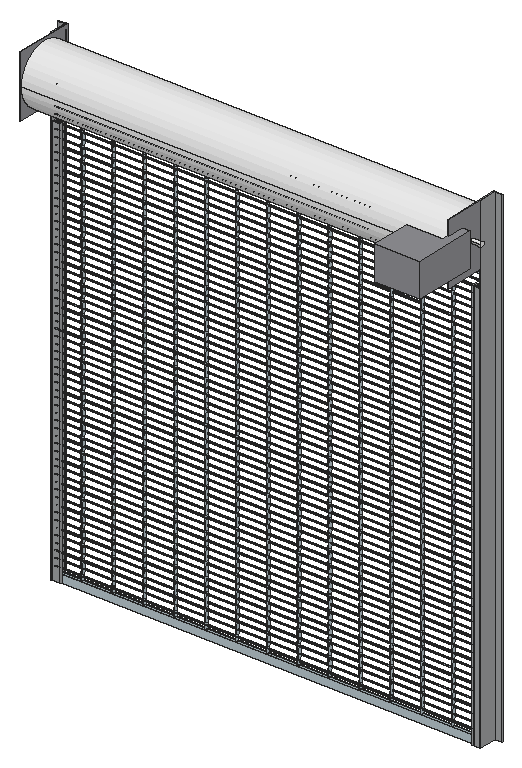
Revit family "Upward-Coiling-Security-Grilles_OHD_Model-671_compact", category Specialty Equipment, host Wall, Revit 2023 (continued)
Definition of nested family "Motor"
  Dimensions and locks (in)
    aligned and locked: Extrusion 1 sketch curve to Extrusion 1 sketch curve
    aligned and locked: plane 4 to nested 1
    aligned and locked: plane 3 "Center (Left/Right)" to nested 1
    aligned and locked: Masking region 1 sketch curve to Extrusion 13  (x5)
    aligned and locked: Extrusion 13 to Masking region 1 sketch curve
    aligned and locked: Extrusion 13 sketch curve to plane 13 "Hood Face"
  Automatic sketch dimensions
    plane 1 "Center (Front/Back)" to Revolve 3 sketch curve = 0"
    Revolve 3 sketch curve to Revolve 3 sketch curve = 0.09915"
    Revolve 3 sketch curve to Revolve 3 sketch curve = 4.7892"
    Revolve 3 sketch curve to plane 14 = 1.9628"
    Extrusion 9 sketch curve to plane 3 "Center (Left/Right)" = 0.988"
    plane 3 "Center (Left/Right)" to Extrusion 9 sketch curve = 0.988"
    Extrusion 2 sketch curve to plane 3 "Center (Left/Right)" = 0"
    Extrusion 2 sketch curve to Extrusion 2 sketch curve = 0.1984"
    Extrusion 2 sketch curve to Extrusion 2 sketch curve = 0.15206"
    Extrusion 2 sketch curve to Extrusion 2 sketch curve = 0.25654"
    Extrusion 2 sketch curve to Extrusion 2 sketch curve = 0"  (x2)
    Extrusion 2 sketch curve to Extrusion 2 sketch curve = 0.0593"
  Nested families (in)
    nested 1: "2D_NotScalableMain_29e791da-3db9-4234-ab15-44456784202b" at (0, 0, 0), visible <- "CH Real", type "Default"
      with Not Top + Bench no, Face Mount yes, E-Egress yes
  Definition of nested family "2D_NotScalableMain_29e791da-3db9-4234-ab15-44456784202b"
    Parameters (values of type "Default")
      Wall Mount = no
      Top Mount = no
      Not Top + Bench = yes
      Fire King Face Mount = no
      Face Mount = no
      Top + Bench = no
      E-Egress = no
      Chain Hoist = no
      Bench Mount = no
    Reference planes (in)
      plane 1 "Center (Front/Back)": y = 0
      plane 2: z = 0
      plane 3 "Center (Left/Right)": x = 0
    Lines and regions (in)
      Masking region 1, in view "Ref. Level", visible <- "Not Top + Bench"
        outline origin (0, 0, 0) x (1, 0, 0) y (0, 1, 0)
          loop
            line (-6.9985, -0.96741) -> (-5.7485, -0.96741) -> (-5.7485, -0.30491) -> (-5.5274, -0.30491) -> (-5.5274, -1.76746) -> (-5.42825, -1.86661) -> (-4.5757, -1.86661) -> (-4.5757, -3.22517) -> (-4.134, -3.22517) -> (-4.134, -5.05565) -> (-4.3324, -5.05565) -> (-4.3324, -5.3122)
            arc (-4.3324, -5.3122) -> (-4.24466, -5.55085) -> (-4.02324, -5.67585) r 0.36846
            arc (-4.02324, -5.67585) -> (0, -6.0017) -> (4.02324, -5.67585) r 25
            arc (4.02324, -5.67585) -> (4.24466, -5.55085) -> (4.3324, -5.3122) r 0.36846
            line (4.3324, -5.3122) -> (4.3324, -5.05565) -> (4.116, -5.05565) -> (4.116, -3.22517) -> (4.57, -3.22517) -> (4.57, -1.27241) -> (4.799, -1.27241) -> (4.799, -0.84111) -> (5.199, -0.84111) -> (5.199, 0.79) -> (7.2495, 0.79) -> (7.2495, -1.81) -> (7.52, -1.81) -> (7.52, 0.79) -> (8.82, 0.79) -> (8.82, 1.59) -> (7.52, 1.59) -> (7.52, 4.19) -> (7.2495, 4.19) -> (7.2495, 1.59) -> (4.57, 1.59) -> (4.57, 3.22517) -> (2.988, 3.22517) -> (2.988, 4.96193) -> (-2.988, 4.96193) -> (-2.988, 3.22517) -> (-4.5757, 3.22517) -> (-4.5757, 1.86661) -> (-5.42825, 1.86661) -> (-5.5274, 1.76746) -> (-5.5274, 0.30491) -> (-5.7485, 0.30491) -> (-5.7485, 0.96741) -> (-6.9985, 0.96741) -> (-6.9985, -0.96741)
      Masking region 2, in view "Ref. Level", visible <- "Face Mount"
        outline origin (0, 0, 0) x (1, 0, 0) y (0, 1, 0)
          loop
            line (-3.108, 1.46193) -> (-2.988, 1.46193) -> (-2.988, 4.96193) -> (2.988, 4.96193) -> (2.988, 1.46193) -> (3.108, 1.46193) -> (3.108, 5.08193) -> (7.2495, 5.08193) -> (7.2495, 9.82193) -> (6.8795, 9.82193) -> (6.8795, 5.33193) -> (7.1295, 5.33193) -> (7.1295, 5.20193) -> (-2.988, 5.20193) -> (-2.988, 5.08193) -> (-3.108, 5.08193) -> (-3.108, 1.46193)
      Masking region 3, in view "Ref. Level", visible <- "Top + Bench"
        outline origin (0, 0, 0) x (1, 0, 0) y (0, 1, 0)
          loop
            line (-6.9985, -0.96741) -> (-5.7485, -0.96741) -> (-5.7485, -0.30491) -> (-5.5274, -0.30491) -> (-5.5274, -1.76746) -> (-5.42825, -1.86661) -> (-4.5757, -1.86661) -> (-4.5757, -3.22517) -> (4.57, -3.22517) -> (4.57, -1.27241) -> (4.799, -1.27241) -> (4.799, -0.84111) -> (5.199, -0.84111) -> (5.199, 0.84111) -> (4.799, 0.84111) -> (4.799, 1.27241) -> (4.57, 1.27241) -> (4.57, 3.22034) -> (4.3324, 3.22034) -> (4.3324, 6.13) -> (7.2495, 6.13) -> (7.2495, 3.53) -> (7.52, 3.53) -> (7.52, 6.13) -> (8.82, 6.13) -> (8.82, 6.93) -> (7.52, 6.93) -> (7.52, 9.53) -> (7.2495, 9.53) -> (7.2495, 6.93) -> (4.3324, 6.93) -> (4.3324, 19.24819) -> (3.108, 19.24819) -> (3.108, 20.0298) -> (0.988, 20.0298) -> (0.988, 19.24819) -> (-0.988, 19.24819) -> (-0.988, 20.0298) -> (-3.108, 20.0298) -> (-3.108, 19.24819) -> (-4.3324, 19.24819) -> (-4.3324, 3.22517) -> (-4.5757, 3.22517) -> (-4.5757, 1.86661) -> (-5.42825, 1.86661) -> (-5.5274, 1.76746) -> (-5.5274, 0.30491) -> (-5.7485, 0.30491) -> (-5.7485, 0.96741) -> (-6.9985, 0.96741) -> (-6.9985, -0.96741)
      Masking region 4, in view "Ref. Level", visible <- "Top Mount"
        outline origin (0, 0, 0) x (1, 0, 0) y (0, 1, 0)
          loop
            line (4.3324, 14.55771) -> (4.3324, 6.93) -> (7.2495, 6.93) -> (7.2495, 14.55771) -> (7.1295, 14.55771) -> (7.1295, 15.55771) -> (6.8795, 15.55771) -> (6.8795, 14.55771) -> (4.3324, 14.55771)
      Masking region 5, in view "Ref. Level", visible <- "Wall Mount"
        outline origin (0, 0, 0) x (1, 0, 0) y (0, 1, 0)
          loop
            line (-4.988, 4.96193) -> (-3.108, 4.96193) -> (-3.108, 1.46193) -> (-2.988, 1.46193) -> (-2.988, 5.08193) -> (-4.988, 5.08193) -> (-4.988, 4.96193)
          loop
            line (2.988, 1.46193) -> (3.108, 1.46193) -> (3.108, 4.96193) -> (4.988, 4.96193) -> (4.988, 5.08193) -> (2.988, 5.08193) -> (2.988, 1.46193)
      Masking region 6, in view "Ref. Level", visible <- "Bench Mount"
        outline origin (0, 0, 0) x (1, 0, 0) y (0, 1, 0)
          loop
            line (-7.24, 9.2698) -> (-7.1205, 9.2698) -> (-7.1205, 9.1098) -> (-4.3324, 9.1098) -> (-4.3324, 17.4298) -> (-7.1205, 17.4298) -> (-7.1205, 17.2698) -> (-7.24, 17.2698) -> (-7.24, 9.2698)
      Masking region 7, in view "Ref. Level", visible <- "Chain Hoist"
        outline origin (0, -6.98957, 0) x (1, 0, 0) y (0, 1, 0)
          loop
            line (4.7396, 6.58957) -> (7.2495, 6.58957) -> (7.2495, 3.98957) -> (7.52, 3.98957) -> (7.52, 6.58957) -> (8.82, 6.58957) -> (8.82, 7.38957) -> (7.52, 7.38957) -> (7.52, 9.98957) -> (7.2495, 9.98957) -> (7.2495, 7.38957) -> (4.7396, 7.38957) -> (4.7396, 6.58957)
      Masking region 8, in view "Ref. Level", visible <- "E-Egress"
        outline origin (0, 0, 0) x (1, 0, 0) y (0, 1, 0)
          loop
            line (-6.9985, -0.96741) -> (-5.7485, -0.96741) -> (-5.7485, -0.30491) -> (-5.5274, -0.30491) -> (-5.5274, -1.76746) -> (-5.42825, -1.86661) -> (-4.5757, -1.86661) -> (-4.5757, -3.22517) -> (-4.134, -3.22517) -> (-4.134, -5.05565) -> (-4.3324, -5.05565) -> (-4.3324, -5.3122)
            arc (-4.3324, -5.3122) -> (-4.24466, -5.55085) -> (-4.02324, -5.67585) r 0.36846
            arc (-4.02324, -5.67585) -> (0, -6.0017) -> (4.02324, -5.67585) r 25
            arc (4.02324, -5.67585) -> (4.24466, -5.55085) -> (4.3324, -5.3122) r 0.36846
            line (4.3324, -5.3122) -> (4.3324, -5.05565) -> (4.116, -5.05565) -> (4.116, -3.22517) -> (4.57, -3.22517) -> (4.57, -1.27241) -> (4.799, -1.27241) -> (4.799, -0.84111) -> (5.199, -0.84111) -> (5.199, 0.79) -> (7.2495, 0.79) -> (7.2495, -1.81) -> (7.52, -1.81) -> (7.52, 0.79) -> (8.82, 0.79) -> (8.82, 1.59) -> (7.52, 1.59) -> (7.52, 4.19) -> (7.2495, 4.19) -> (7.2495, 1.59) -> (4.57, 1.59) -> (4.57, 3.22517) -> (2.988, 3.22517) -> (2.988, 4.96193) -> (-2.988, 4.96193) -> (-2.988, 3.22517) -> (-4.5757, 3.22517) -> (-4.5757, 1.86661) -> (-5.42825, 1.86661) -> (-5.5274, 1.76746) -> (-5.5274, 0.30491) -> (-5.7485, 0.30491) -> (-5.7485, 0.96741) -> (-6.9985, 0.96741) -> (-6.9985, -0.96741)
      reference lines, in view "Ref. Level"
        curve 1: line (0, 0, 0) -> (0, 0.125, 0)
        curve 2: line (0, 0, 0) -> (0.125, 0, 0)
      detail lines, in view "Ref. Level", visible <- "Not Top + Bench"
        curve 3: line (7.2495, 4.19, 0) -> (7.2495, -1.81, 0)
        curve 4: line (7.52, 4.19, 0) -> (7.52, -1.81, 0)
        curve 5: line (-4.134, -2.29347, 0) -> (-4.134, -5.05565, 0)
        curve 6: line (4.116, -2.29347, 0) -> (4.116, -5.05565, 0)
        curve 7: line (-4.134, -2.41307, 0) -> (4.116, -2.41307, 0)
        curve 8: line (4.116, -2.29347, 0) -> (3.108, -2.29347, 0)
        curve 9: line (2.988, -2.17347, 0) -> (2.988, 4.96193, 0)
        curve 10: line (2.988, 4.96193, 0) -> (-2.988, 4.96193, 0)
        curve 11: line (-2.988, 4.96193, 0) -> (-2.988, -2.17347, 0)
        curve 12: arc (-2.988, -2.17347, 0) -> (-3.02315, -2.25832, 0) -> (-3.108, -2.29347, 0) r 0.12
        curve 13: arc (3.108, -2.29347, 0) -> (3.02315, -2.25832, 0) -> (2.988, -2.17347, 0) r 0.12
        curve 14: line (4.57, -3.22517, 0) -> (4.57, 0.77483, 0)
        curve 15: line (4.799, -1.27241, 0) -> (4.799, 0.77483, 0)
        curve 16: line (5.199, -0.84111, 0) -> (5.199, 0.77483, 0)
        curve 17: line (-4.5757, -3.22517, 0) -> (-4.5757, 3.22517, 0)
        curve 18: line (-5.42825, -1.86661, 0) -> (-5.42825, 1.86661, 0)
        curve 19: line (-5.5274, 1.76746, 0) -> (-5.5274, -1.76746, 0)
        curve 20: line (-5.7485, -0.96741, 0) -> (-5.7485, 0.96741, 0)
        curve 21: line (-4.134, -2.29347, 0) -> (-3.108, -2.29347, 0)
        curve 22: line (5.199, 0.77483, 0) -> (2.988, 0.77483, 0)
        curve 23: line (4.57, 1.59, 0) -> (2.988, 1.59, 0)
      detail lines, in view "Ref. Level", visible <- "Top + Bench"
        curve 24: line (-4.5757, -3.22517, 0) -> (-4.5757, 3.22517, 0)
        curve 25: line (-5.42825, 1.86661, 0) -> (-5.42825, -1.86661, 0)
        curve 26: line (-5.5274, 1.76746, 0) -> (-5.5274, -1.76746, 0)
        curve 27: line (-5.7485, -0.96741, 0) -> (-5.7485, 0.96741, 0)
        curve 28: line (-4.3324, 1.8898, 0) -> (-4.3324, 19.24819, 0)
        curve 29: line (-4.3324, 1.8898, 0) -> (4.3324, 1.8898, 0)
        curve 30: line (4.3324, 1.8898, 0) -> (4.3324, 19.24819, 0)
        curve 31: line (4.57, 3.22517, 0) -> (4.57, -3.22517, 0)
        curve 32: line (4.799, 1.27241, 0) -> (4.799, -1.22759, 0)
        curve 37: line (2.988, 20.0298, 0) -> (2.988, 19.24819, 0)
        curve 38: line (-2.988, 20.0298, 0) -> (-2.988, 19.24819, 0)
        curve 39: line (-3.108, 19.24819, 0) -> (-0.988, 19.24819, 0)
        curve 40: line (0.988, 19.24819, 0) -> (3.108, 19.24819, 0)
      detail lines, in view "Ref. Level", visible <- "Chain Hoist"
        curve 33: line (7.2495, 3, 0) -> (7.2495, -3, 0)
        curve 34: line (7.52, -3, 0) -> (7.52, 3, 0)
      detail lines, in view "Ref. Level", visible <- "Bench Mount"
        curve 35: line (-7.1205, 17.4298, 0) -> (-7.1205, 9.1098, 0)
        curve 36: line (-6.9985, 17.4298, 0) -> (-6.9985, 9.1098, 0)
      detail lines, in view "Ref. Level", visible <- "E-Egress"
        curve 41: line (7.2495, 4.19, 0) -> (7.2495, -1.81, 0)
        curve 42: line (7.52, 4.19, 0) -> (7.52, -1.81, 0)
        curve 43: line (-4.134, -2.29347, 0) -> (-4.134, -5.05565, 0)
        curve 44: line (4.116, -2.29347, 0) -> (4.116, -5.05565, 0)
        curve 45: line (-4.134, -2.41307, 0) -> (4.116, -2.41307, 0)
        curve 46: line (4.116, -2.29347, 0) -> (3.108, -2.29347, 0)
        curve 47: line (2.988, -2.17347, 0) -> (2.988, 4.96193, 0)
        curve 48: line (2.988, 4.96193, 0) -> (-2.988, 4.96193, 0)
        curve 49: line (-2.988, 4.96193, 0) -> (-2.988, -2.17347, 0)
        curve 50: arc (-2.988, -2.17347, 0) -> (-3.02315, -2.25832, 0) -> (-3.108, -2.29347, 0) r 0.12
        curve 51: arc (3.108, -2.29347, 0) -> (3.02315, -2.25832, 0) -> (2.988, -2.17347, 0) r 0.12
        curve 52: line (4.57, -3.22517, 0) -> (4.57, 0.77483, 0)
        curve 53: line (4.799, -1.27241, 0) -> (4.799, 0.77483, 0)
        curve 54: line (5.199, -0.84111, 0) -> (5.199, 0.77483, 0)
        curve 55: line (-4.5757, -3.22517, 0) -> (-4.5757, 3.22517, 0)
        curve 56: line (-5.42825, -1.86661, 0) -> (-5.42825, 1.86661, 0)
        curve 57: line (-5.5274, 1.76746, 0) -> (-5.5274, -1.76746, 0)
        curve 58: line (-5.7485, -0.96741, 0) -> (-5.7485, 0.96741, 0)
        curve 59: line (-4.134, -2.29347, 0) -> (-3.108, -2.29347, 0)
        curve 60: line (5.199, 0.77483, 0) -> (2.988, 0.77483, 0)
        curve 61: line (4.57, 1.59, 0) -> (2.988, 1.59, 0)
    Dimensions and locks (in)
      curve 1 to curve 1 = 1/8"
      curve 2 to curve 2 = 1/8"
      aligned and locked: plane 1 "Center (Front/Back)" to curve 1
      aligned and locked: plane 3 "Center (Left/Right)" to curve 1
      aligned and locked: plane 1 "Center (Front/Back)" to curve 2
Definition of nested family "671"
  Parameters (values of type "Standard - Gray")
    Step H [instance] = if(Lexan, 12", 9")  # 9"
    Slat Width = 3/4"  # constant formula
    Slat Option [instance] = 1
    SetBack [instance] = if(Lexan, 3", 2")  # 2"
    Second Rod Position [instance] = if(Lattice, 1.38", if(Brick, 2.38", 3.38"))  # 1.38"
    Panel Material = none
    Overall Height [instance] = if(Lattice, 8.38", if(Brick, 8.38", 12.38"))  # 8.38"
    Opening Width [instance] = 124"
    Lexsn Material = none
    Lexan [instance] = if(Slat Option > 2, 1 = 1, 1 = 2)  # no
    Lattice [instance] = if(Slat Option < 2, 1 = 1, 1 = 2)  # yes
    First Rod Position [instance] = if(Lattice, 1", 0")  # 1"
    Default Elevation = 48"
    Brick End [instance] = if(Brick, 1 = 2, 1 = 1)  # yes
    Brick [instance] = if(Slat Option = 2, 1 = 1, 1 = 2)  # no
    Array Visibility [instance] = if(Array < 2, 1 = 2, 1 = 1)  # yes
    Array Real [instance] = if(Array < 2, 2, Array)  # 12
    Array Length [instance] = (Array) * Step H + 0.16"  # 108.16"
    Array [instance] = rounddown((Opening Width) / Step H) - 1  # 12
    1 Element Visibility [instance] = not(Array Visibility)  # no
  Reference planes (in)
    plane 1 "Center (Front/Back)": y = 0
    plane 2: z = 0
    plane 3 "Center (Left/Right)": x = 0
    plane 4: x = -62
    plane 5: x = 62
    plane 6: y = 0.75
    plane 7: y = 0
    plane 8: z = 0
    plane 9: z = 1
    plane 10: y = 0.375
    plane 11 "Left": x = -54.08
    plane 12: x = -64
    plane 13: x = 64
    plane 14: z = 8.38
    plane 15: x = 54.08
    plane 16: x = 45.08
    plane 17: z = 7
    plane 18: x = 36.08
  Forms (in)
    Extrusion 1, solid, material <- "Panel Material"
      sketch origin (0, -4.98186, 2) x (0, 1, 0) y (0, 0, 1)
        loop
          circle (5.35686, -1) r 0.15625
        loop
          circle (5.35686, 1) r 0.16
      from -62 to 62
    Extrusion 2, solid, material <- "Panel Material"
      sketch origin (0, -4.98186, 2) x (0, 1, 0) y (0, 0, 1)
        loop
          circle (5.35686, 5) r 0.15625
        loop
          circle (5.35686, 3) r 0.16
      from -62 to 62
    Extrusion 3, solid, material <- "Lexsn Material", visible <- "Lexan"
      sketch origin (0, 0, 0) x (1, 0, 0) y (0, 0, 1)
        loop
          line (-62, 0.5) -> (62, 0.5) -> (62, 2.5) -> (-62, 2.5) -> (-62, 0.5)
        loop
          line (-62, 3.5) -> (62, 3.5) -> (62, 5.5) -> (-62, 5.5) -> (-62, 3.5)
        loop
          line (-62, 6.5) -> (62, 6.5) -> (62, 8.5) -> (-62, 8.5) -> (-62, 6.5)
        loop
          line (-62, 9.5) -> (62, 9.5) -> (62, 11.5) -> (-62, 11.5) -> (-62, 9.5)
      from -0.53125 to -0.21875
  Dimensions and locks (in)
    equal spacing: plane 4, plane 3 "Center (Left/Right)", plane 5
    "Opening Width": plane 4 to plane 5
    "Slat Width": plane 1 "Center (Front/Back)" to plane 6
    "First Rod Position": plane 9 to level
    equal spacing: plane 1 "Center (Front/Back)", plane 10, plane 6
    locked: plane 12 to plane 4 at 2
    locked: plane 13 to plane 5 at 2
    "Overall Height": plane 14 to level
    equal spacing: plane 11 "Left", plane 3 "Center (Left/Right)", plane 15
    "Array Length": plane 11 "Left" to plane 15
    "Step H": plane 16 to plane 15
    "Second Rod Position": plane 14 to plane 17
    locked: Extrusion 3 sketch curve to Extrusion 3 sketch curve at 2  (x4)
    locked: Extrusion 3 sketch curve to level at 0.5
    locked: Extrusion 3 sketch curve to Extrusion 3 sketch curve at 1  (x3)
    "Step H": plane 18 to plane 16
    equal spacing: group 12, group 11, group 10, group 9, group 8, group 7, group 6, group 5, group 4, group 3, group 2, group 1
    equal spacing: group 1, group 2, group 3, group 4, group 5, group 6, group 7, group 8, group 9, group 10, group 11, group 12  (x2)
    "SetBack": plane 17 to Extrusion 2 sketch curve
    "SetBack": Extrusion 1 sketch curve to Extrusion 1 sketch curve
    radius of Extrusion 1 sketch curve = 5/32"
    radius of Extrusion 2 sketch curve = 5/32"
    radius of Extrusion 2 sketch curve = 0.16"
    radius of Extrusion 1 sketch curve = 0.16"
    aligned and locked: plane 2 to level
    aligned and locked: plane 1 "Center (Front/Back)" to plane 7
    aligned and locked: level to plane 8
    aligned and locked: plane 4 to Extrusion 1
    aligned and locked: plane 5 to Extrusion 1
    aligned and locked: plane 10 to Extrusion 1 sketch curve
    aligned and locked: plane 17 to Extrusion 2 sketch curve
    aligned and locked: plane 10 to Extrusion 2 sketch curve
    aligned and locked: plane 5 to Extrusion 2
    aligned and locked: plane 4 to Extrusion 2
    aligned and locked: Extrusion 3 sketch curve to plane 4  (x2)
    aligned and locked: plane 5 to Extrusion 3 sketch curve  (x2)
    aligned and locked: nested 1 to plane 15
    aligned and locked: plane 8 to nested 1
    aligned and locked: plane 8 to nested 2
    aligned and locked: plane 8 to nested 3
    aligned and locked: nested 2 to plane 16
    aligned and locked: nested 3 to plane 18
    aligned and locked: plane 4 to Extrusion 3 sketch curve  (x2)
    aligned and locked: Extrusion 3 sketch curve to plane 5  (x2)
    aligned and locked: plane 9 to Extrusion 1 sketch curve
    aligned and locked: plane 8 to nested 11
    aligned and locked: nested 11 to plane 16
  Automatic sketch dimensions
    Extrusion 1 sketch curve to plane 10 = 0"
    Extrusion 2 sketch curve to plane 10 = 0"
  Nested families (in)
    nested 1: "Family1" at (54.08, 0, 0), Individual Brick <- "Brick End", type "Family1"
      with Individual Brick yes, SetBack 2", Lexan no, Lattice yes, Height 8.38"
    nested 2: "Family1" at (45.08, 0, 0), visible <- "Array Visibility", type "Family1"
      with Individual Brick yes, SetBack 2", Lexan no, Lattice yes, Height 8.38"
    nested 3: "Family1" at (36.08, 0, 0), visible <- "Array Visibility", type "Family1"
      with Individual Brick yes, SetBack 2", Lexan no, Lattice yes, Height 8.38"
    nested 4: "Family1" at (27.08, 0, 0), visible <- "Array Visibility", type "Family1"
      with Individual Brick yes, SetBack 2", Lexan no, Lattice yes, Height 8.38"
    nested 5: "Family1" at (18.08, 0, 0), visible <- "Array Visibility", type "Family1"
      with Individual Brick yes, SetBack 2", Lexan no, Lattice yes, Height 8.38"
    nested 6: "Family1" at (9.08, 0, 0), visible <- "Array Visibility", type "Family1"
      with Individual Brick yes, SetBack 2", Lexan no, Lattice yes, Height 8.38"
    nested 7: "Family1" at (0.08, 0, 0), visible <- "Array Visibility", type "Family1"
      with Individual Brick yes, SetBack 2", Lexan no, Lattice yes, Height 8.38"
    nested 8: "Family1" at (-8.92, 0, 0), visible <- "Array Visibility", type "Family1"
      with Individual Brick yes, SetBack 2", Lexan no, Lattice yes, Height 8.38"
    nested 9: "Family1" at (-17.92, 0, 0), visible <- "Array Visibility", type "Family1"
      with Individual Brick yes, SetBack 2", Lexan no, Lattice yes, Height 8.38"
    nested 10: "Family1" at (-26.92, 0, 0), visible <- "Array Visibility", type "Family1"
      with Individual Brick yes, SetBack 2", Lexan no, Lattice yes, Height 8.38"
    nested 11: "Family1" at (45.08, 0, 0), visible <- "1 Element Visibility", type "Family1"
      with Individual Brick yes, SetBack 2", Lexan no, Lattice yes, Height 8.38"
    nested 12: "Family1" at (-35.92, 0, 0), visible <- "Array Visibility", type "Family1"
      with Individual Brick yes, SetBack 2", Lexan no, Lattice yes, Height 8.38"
    nested 13: "Family1" at (-44.92, 0, 0), visible <- "Array Visibility", type "Family1"
      with Individual Brick yes, SetBack 2", Lexan no, Lattice yes, Height 8.38"
    nested 14: "Family1" at (-53.92, 0, 0), visible <- "Array Visibility", type "Family1"
      with Individual Brick yes, SetBack 2", Lexan no, Lattice yes, Height 8.38"
  Definition of nested family "Family1"
    Parameters (values of type "Family1")
      Wide = 3/4"  # constant formula
      Slat Material = none
      SetBack = if(Lexan, 3", 2")  # 3"
      Lexan = yes
      Lattice = no
      Individual Brick [instance] = yes
      Height = if(Lattice, 8.38", if(Brick, 8.38", 12.38"))  # 12.38"
      Default Elevation = 48"
      Brick Offset = if(Brick, 4.34", 0")  # 0"
      Brick = no
    Reference planes (in)
      plane 1 "Center (Front/Back)": y = 0
      plane 2: z = 0
      plane 3 "Center (Left/Right)": x = 0
      plane 4: z = 12.38
      plane 5 "Brick": x = 0
      plane 6: z = 3
      plane 7: z = 0
      plane 8: z = 12.005
      plane 9: z = 9.005
      plane 10: z = 6.005
      plane 11: z = 3.005
      plane 12: z = 6
      plane 13: z = 9
    Forms (in)
      Extrusion 1, solid, material <- "Slat Material"
        sketch origin (0, 0, 0) x (0, 1, 0) y (0, 0, 1)
          loop
            line (0, 3) -> (0, 0)
            arc (0, 0) -> (0.375, -0.375) -> (0.75, 0) r 0.375
            line (0.75, 0) -> (0.75, 3)
            arc (0.75, 3) -> (0.375, 3.375) -> (0, 3) r 0.375
          loop
            line (0, 9) -> (0, 6)
            arc (0, 6) -> (0.375, 5.625) -> (0.75, 6) r 0.375
            line (0.75, 6) -> (0.75, 9)
            arc (0.75, 9) -> (0.375, 9.375) -> (0, 9) r 0.375
        from 0 to -0.16
      Extrusion 2, solid, material <- "Slat Material", visible <- "Individual Brick"
        sketch origin (0, -180, -12.72415) x (0, 0, -1) y (0, -1, 0)
          loop
            arc (-24.72915, -180) -> (-25.10415, -180.375) -> (-24.72915, -180.75) r 0.375
            line (-24.72915, -180.75) -> (-21.72915, -180.75)
            arc (-21.72915, -180.75) -> (-21.35415, -180.375) -> (-21.72915, -180) r 0.375
            line (-21.72915, -180) -> (-24.72915, -180)
          loop
            arc (-18.72915, -180) -> (-19.10415, -180.375) -> (-18.72915, -180.75) r 0.375
            line (-18.72915, -180.75) -> (-15.72915, -180.75)
            arc (-15.72915, -180.75) -> (-15.35415, -180.375) -> (-15.72915, -180) r 0.375
            line (-15.72915, -180) -> (-18.72915, -180)
        from 0 to -0.16
    Dimensions and locks (in)
      "Height": plane 4 to level
      "Brick Offset": plane 5 "Brick" to plane 3 "Center (Left/Right)"
      "Wide": Extrusion 1 sketch curve to Extrusion 1 sketch curve
      "SetBack": plane 6 to plane 7
      "Wide": Extrusion 2 sketch curve to Extrusion 2 sketch curve  (x2)
      "SetBack": plane 8 to plane 9
      locked: plane 4 to plane 8 at 0.375
      "SetBack": plane 9 to plane 10
      "SetBack": plane 10 to plane 11
      "SetBack": plane 12 to plane 6
      "SetBack": plane 13 to plane 12
      radius of Extrusion 1 sketch curve = 3/8"  (x4)
      radius of Extrusion 2 sketch curve = 3/8"  (x4)
      aligned and locked: plane 2 to level
      aligned and locked: level to plane 7
      aligned and locked: plane 6 to Extrusion 1 sketch curve  (x2)
      aligned and locked: plane 7 to Extrusion 1 sketch curve
      aligned and locked: plane 8 to Extrusion 2 sketch curve  (x2)
      aligned and locked: plane 9 to Extrusion 2 sketch curve
      aligned and locked: plane 10 to Extrusion 2 sketch curve  (x2)
      aligned and locked: plane 11 to Extrusion 2 sketch curve
      aligned and locked: plane 13 to Extrusion 1 sketch curve
      aligned and locked: plane 12 to Extrusion 1 sketch curve  (x2)
    Automatic sketch dimensions
      Extrusion 1 sketch curve to plane 1 "Center (Front/Back)" = 0"  (x2)
      Extrusion 2 sketch curve to plane 1 "Center (Front/Back)" = 0"  (x2)
Definition of nested family "Label Annotation 1"
  Parameters (values of type "Label Annotation 1-8")
    Label = "Area is too big. Please reduce Door Size."
  Reference planes (in)
    plane 1: y = 0
    plane 2: x = 0
  Text (in)
    label "Label" at (0.00375, -0.00345, 0), shows "Label"
Definition of nested family "Warning Sign"
  Parameters (values of type "Warning Sign")
    Warning Sign [instance] = no
    Default Elevation = 48"
  Reference planes (in)
    plane 1 "Center (Front/Back)": y = 0
    plane 2: z = 0
    plane 3 "Center (Left/Right)": x = 0
    plane 4: y = 0.5
    plane 5: y = -0.5
    plane 6: y = 1
    plane 7: y = 0.25
  Lines and regions (in)
    model lines
      curve 1: line (-2.26129, 1, 45.69444) -> (-26.3817, 1, 3.91667)
      curve 2: line (-25.25106, 1, 3.26389) -> (-1.13064, 1, 45.04167)
      curve 3: arc (2.26129, 1, 45.69444) -> (0, 1, 47) -> (-2.26129, 1, 45.69444) r 2.61111
      curve 4: arc (-1.13064, 1, 45.04167) -> (0, 1, 45.69444) -> (1.13064, 1, 45.04167) r 1.30556
      curve 5: line (1.13064, 1, 45.04167) -> (25.25106, 1, 3.26389)
      curve 6: line (26.3817, 1, 3.91667) -> (2.26129, 1, 45.69444)
      curve 7: arc (25.25106, 1, 3.26389) -> (25.25106, 1, 1.95833) -> (24.12041, 1, 1.30556) r 1.30556
      curve 8: arc (24.12041, 1, 0) -> (26.3817, 1, 1.30556) -> (26.3817, 1, 3.91667) r 2.61111
      curve 9: line (24.12041, 1, 1.30556) -> (-24.12041, 1, 1.30556)
      curve 10: line (-24.12041, 1, 0) -> (24.12041, 1, 0)
      curve 11: arc (-24.12041, 1, 1.30556) -> (-25.25106, 1, 1.95833) -> (-25.25106, 1, 3.26389) r 1.30556
      curve 12: arc (-26.3817, 1, 3.91667) -> (-26.3817, 1, 1.30556) -> (-24.12041, 1, 0) r 2.61111
      curve 13: arc (-2.29479, 1, 8.63537) -> (0, 1, 6.34057) -> (2.29479, 1, 8.63537) r 2.29479
      curve 14: arc (2.29479, 1, 8.63537) -> (0, 1, 10.93016) -> (-2.29479, 1, 8.63537) r 2.29479
      curve 15: arc (-1.6331, 1, 13.97069) -> (0.03439, 1, 12.53727) -> (1.69278, 1, 13.98121) r 1.68043
      curve 16: line (-3.77413, 1, 28.37873) -> (-1.6331, 1, 13.97069)
      curve 17: line (1.69278, 1, 13.98121) -> (3.73924, 1, 28.37873)
      curve 18: arc (3.73924, 1, 28.37873) -> (-0.01745, 1, 32.13541) -> (-3.77413, 1, 28.37873) r 3.75668
      curve 19: line (-2.26129, -0.5, 45.69444) -> (-26.3817, -0.5, 3.91667)
      curve 20: line (-25.25106, -0.5, 3.26389) -> (-1.13064, -0.5, 45.04167)
      curve 21: arc (2.26129, -0.5, 45.69444) -> (0, -0.5, 47) -> (-2.26129, -0.5, 45.69444) r 2.61111
      curve 22: arc (-1.13064, -0.5, 45.04167) -> (0, -0.5, 45.69444) -> (1.13064, -0.5, 45.04167) r 1.30556
      curve 23: line (1.13064, -0.5, 45.04167) -> (25.25106, -0.5, 3.26389)
      curve 24: line (26.3817, -0.5, 3.91667) -> (2.26129, -0.5, 45.69444)
      curve 25: arc (25.25106, -0.5, 3.26389) -> (25.25106, -0.5, 1.95833) -> (24.12041, -0.5, 1.30556) r 1.30556
      curve 26: arc (24.12041, -0.5, 0) -> (26.3817, -0.5, 1.30556) -> (26.3817, -0.5, 3.91667) r 2.61111
      curve 27: line (24.12041, -0.5, 1.30556) -> (-24.12041, -0.5, 1.30556)
      curve 28: line (-24.12041, -0.5, 0) -> (24.12041, -0.5, 0)
      curve 29: arc (-24.12041, -0.5, 1.30556) -> (-25.25106, -0.5, 1.95833) -> (-25.25106, -0.5, 3.26389) r 1.30556
      curve 30: arc (-26.3817, -0.5, 3.91667) -> (-26.3817, -0.5, 1.30556) -> (-24.12041, -0.5, 0) r 2.61111
      curve 31: arc (-2.29479, -0.5, 8.63537) -> (0, -0.5, 6.34057) -> (2.29479, -0.5, 8.63537) r 2.29479
      curve 32: arc (2.29479, -0.5, 8.63537) -> (0, -0.5, 10.93016) -> (-2.29479, -0.5, 8.63537) r 2.29479
      curve 33: arc (-1.6331, -0.5, 13.97069) -> (0.03439, -0.5, 12.53727) -> (1.69278, -0.5, 13.98121) r 1.68043
      curve 34: line (-3.77413, -0.5, 28.37873) -> (-1.6331, -0.5, 13.97069)
      curve 35: line (1.69278, -0.5, 13.98121) -> (3.73924, -0.5, 28.37873)
      curve 36: arc (3.73924, -0.5, 28.37873) -> (-0.01745, -0.5, 32.13541) -> (-3.77413, -0.5, 28.37873) r 3.75668
  Dimensions and locks (in)
    locked: plane 1 "Center (Front/Back)" to plane 4 at 0.5
    equal spacing: plane 1 "Center (Front/Back)", plane 7, plane 4
    locked: plane 4 to plane 6 at 0.5
    locked: plane 5 to plane 1 "Center (Front/Back)" at 0.5
    aligned and locked: plane 2 to level
  Automatic sketch dimensions
    curve 21 to curve 22 = 0"  (x2)
    curve 25 to curve 26 = 0"  (x2)
    curve 29 to curve 30 = 0"  (x2)
    curve 31 to curve 32 = 0"  (x2)
    curve 21 to plane 3 "Center (Left/Right)" = 0"
    curve 31 to plane 3 "Center (Left/Right)" = 0"
    curve 30 to level = 0"
    level to curve 27 = 1.30556"
    curve 26 to curve 27 = 1.30556"
    curve 29 to curve 27 = 1.30556"
    curve 23 to curve 25 = 0.65278"
    curve 20 to curve 29 = 0.65278"
    curve 24 to curve 23 = 0.65278"
    curve 19 to curve 20 = 0.65278"
    level to curve 32 = 8.63537"
    curve 34 to plane 3 "Center (Left/Right)" = 1.6331"
    curve 34 to curve 31 = 5.33532"
    plane 3 "Center (Left/Right)" to curve 35 = 1.69278"
    curve 35 to curve 34 = 0.01052"
    plane 3 "Center (Left/Right)" to curve 33 = 0.02908"
    curve 36 to plane 3 "Center (Left/Right)" = 0.01745"
    curve 36 to curve 33 = 14.16104"
    curve 22 to curve 36 = 16.01016"
    plane 3 "Center (Left/Right)" to curve 23 = 1.13064"
    curve 23 to curve 21 = 0.65278"
    curve 20 to plane 3 "Center (Left/Right)" = 1.13064"
    plane 3 "Center (Left/Right)" to curve 24 = 2.26129"
    curve 24 to curve 22 = 0.65278"
    curve 19 to plane 3 "Center (Left/Right)" = 2.26129"
    curve 34 to curve 36 = 3.75668"
    curve 30 to plane 3 "Center (Left/Right)" = 24.12041"
    plane 3 "Center (Left/Right)" to curve 25 = 24.12041"
    curve 31 to curve 31 = 2.29479"
    curve 3 to curve 4 = 0"  (x2)
    curve 7 to curve 8 = 0"  (x2)
    curve 11 to curve 12 = 0"  (x2)
    curve 13 to curve 14 = 0"  (x2)
    curve 3 to plane 3 "Center (Left/Right)" = 0"
    curve 13 to plane 3 "Center (Left/Right)" = 0"
    curve 12 to level = 0"
    level to curve 9 = 1.30556"
    curve 8 to curve 9 = 1.30556"
    curve 11 to curve 9 = 1.30556"
    curve 5 to curve 7 = 0.65278"
    curve 2 to curve 11 = 0.65278"
    curve 6 to curve 5 = 0.65278"
    curve 1 to curve 2 = 0.65278"
    level to curve 14 = 8.63537"
    curve 16 to plane 3 "Center (Left/Right)" = 1.6331"
    curve 16 to curve 13 = 5.33532"
    plane 3 "Center (Left/Right)" to curve 17 = 1.69278"
    curve 17 to curve 16 = 0.01052"
    plane 3 "Center (Left/Right)" to curve 15 = 0.02908"
    curve 18 to plane 3 "Center (Left/Right)" = 0.01745"
    curve 18 to curve 15 = 14.16104"
    curve 4 to curve 18 = 16.01016"
    plane 3 "Center (Left/Right)" to curve 5 = 1.13064"
    curve 5 to curve 3 = 0.65278"
    curve 2 to plane 3 "Center (Left/Right)" = 1.13064"
    plane 3 "Center (Left/Right)" to curve 6 = 2.26129"
    curve 6 to curve 4 = 0.65278"
    curve 1 to plane 3 "Center (Left/Right)" = 2.26129"
    curve 16 to curve 18 = 3.75668"
    curve 12 to plane 3 "Center (Left/Right)" = 24.12041"
    plane 3 "Center (Left/Right)" to curve 7 = 24.12041"
    curve 13 to curve 13 = 2.29479"
Types (9): name | Voltage | Operator Visibility | Number of Poles | Hood Offset | Headroom Height Real | Headroom Height | Frequency | Door Height True | Door Height (Real) | Floor To (CL) of Shaft | Chain Hoist or Manual | Current | Calculated Area | Apparent Load Phase 3 | Apparent Load Phase 2 | Apparent Load Phase 1
  115 volts, one phase, 60 Hz (110-120V range) | 115 V | yes | 1 | 5" | 23" | 23" | 60 Hz | 143" | 125" | 134" | no | 20 A | 104.601 SF | 0 VA | 0 VA | 2300 VA
  Chain Hoist | 0 V | yes | 1 | 3" | 21" | 21" | 0 Hz | 141" | 123" | 132" | yes | 0 A | 102.927 SF | 0 VA | 0 VA | 0 VA
  Manual push-up | 0 V | no | 1 | 3" | 21" | 21" | 0 Hz | 141" | 123" | 132" | yes | 0 A | 102.927 SF | 0 VA | 0 VA | 0 VA
  230 volts, three phase, 60 Hz (208-245V range) | 230 V | yes | 3 | 5" | 23" | 23" | 60 Hz | 143" | 125" | 134" | no | 20 A | 104.601 SF | 2655.81 VA | 2655.81 VA | 2655.81 VA
  230 volts, single phase, 60 Hz (208-245V range) | 230 V | yes | 1 | 5" | 23" | 23" | 60 Hz | 143" | 125" | 134" | no | 20 A | 104.601 SF | 0 VA | 0 VA | 4600 VA
  460 volts, three phase, 60 Hz (456-495V range) | 460 V | yes | 3 | 5" | 23" | 23" | 60 Hz | 143" | 125" | 134" | no | 20 A | 104.601 SF | 5311.62 VA | 5311.62 VA | 5311.62 VA
  208 volts, one phase, 60 Hz (190-207V range) | 208 V | yes | 1 | 5" | 23" | 23" | 60 Hz | 143" | 125" | 134" | no | 20 A | 104.601 SF | 0 VA | 0 VA | 4160 VA
  208 volts, three phase, 60 Hz (190-207V range) | 208 V | yes | 3 | 5" | 23" | 23" | 60 Hz | 143" | 125" | 134" | no | 20 A | 104.601 SF | 2401.78 VA | 2401.78 VA | 2401.78 VA
  575 volts, three phase, 60 Hz | 575 V | yes | 3 | 5" | 23" | 23" | 60 Hz | 143" | 125" | 134" | no | 20 A | 104.601 SF | 6639.53 VA | 6639.53 VA | 6639.53 VA
